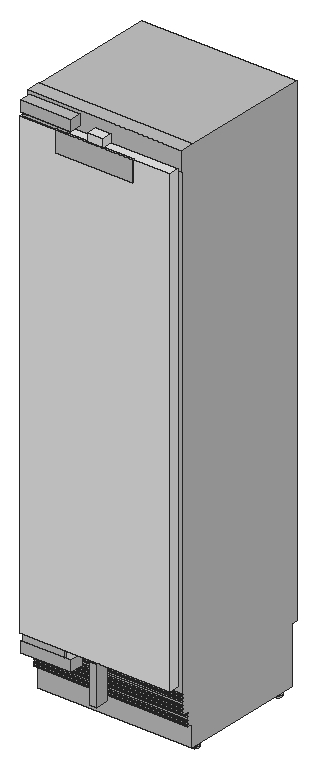
Revit family "FP-Revit18-RS2484SLHK1-Fridge-0-CA-US-90001060A", category Specialty Equipment, Revit 2020
Family settings
  Round Connector Dimension = Use Diameter
  Part Type = Normal
  OmniClass Number = 23.40.40.11.11
  OmniClass Title = Refrigerators and Freezers
  Work Plane-Based = No
  Always vertical = Yes
  Cut with Voids When Loaded = Yes
  Shared = No
  Room Calculation Point = No
Parameters (values of type "RS2484SLHE1")
  Visibility - Water Connection = no
  Visibility - Visibility Control Note = yes
  Visibility - Clearance Required = yes
  URL = "www.fisherpaykel.com"
  Stainless Steel Door Panels (RD2484L4D) = no
  Product - Width = 603 mm  # constant formula
  Product - Height = 2134 mm  # constant formula
  Product - Depth (exl front panel) = 610 mm  # constant formula
  Model = "RS2484SLHE1"
  Material - Handle = Fisher & Paykel - Aluminium
  Material - Door Structure = Fisher & Paykel - White
  Material - Door Front = Fisher & Paykel - Stainless Steel
  Material - Body = Fisher & Paykel - Grey
  Manufacturer = "Fisher & Paykel Appliances"
  Handle Style - Professional Square (AHV2-RD84) = no
  Handle Style - Professional Round (AHC-RD84) = no
  Handle Style - Contemporary Square (AHD3-RD84) = no
  Handle Style - Contemporary Round (AHS-RD84) = no
  Description = "24\" Integrated Column Refrigerator, stainless steel interior"
  Default Elevation = 0 mm
  Connector Description - Water = "Water Supply not required"
  Connector Description - Electrical = "120 V, 10 amp fused electrical supply"
  Cavity - Width = 610 mm  # constant formula
  Cavity - Height = 2134 mm  # constant formula
  Cavity - Depth = 635 mm  # constant formula
Types (4, lengths in mm): name | Visibility - Water Connection | Model | Description | Connector Description - Water
  (no name) | no | "RS2484SLHE1" | "24\" Integrated Column Refrigerator, stainless steel interior" | "Water Supply not required"
  RS2484SLHE1 | no | "RS2484SLHE1" | "24\" Integrated Column Refrigerator, stainless steel interior" | "Water Supply not required"
  RS2484SLHK1 | yes | "RS2484SLHK1" | "24\" Integrated Column Refrigerator with internal water, stainless steel interior" | "1/4\" (6mm) comp. stainless steel braided hose"
  RS2484SL1 | no | "RS2484SL1" | "24\" Integrated Column Refrigerator with white interior" | "Water Supply not required"
Reference planes
  plane 1 "Datum": y = 0
  plane 2: z = 0
  plane 3 "Center (Left/Right)": x = 0
  plane 4 "Product LHS": x = -301.5
  plane 5 "Product RHS": x = 301.5
  plane 6 "Product - Depth": y = 610
  plane 7 "Cavity LHS": x = -305
  plane 8 "Cavity RHS": x = 305
  plane 9 "Cavity - Depth": y = 612.9
  plane 10 "Handle Offset": x = 238.5
  plane 11 "Product Height": z = 2134
  plane 12 "Cavity Height": z = 2134
  plane 13 "Door Panel Datum": y = -4.1
Forms (mm)
  Extrusion 1, solid, material "Fisher & Paykel - Grey" <- "Material - Body", detail levels fine
    sketch origin (0, 0, 0) x (0, 1, 0) y (0, 0, 1)
      loop
        line (100.1, 19.1) -> (587.9, 19.1) -> (587.9, 239.7) -> (610, 239.7) -> (610, 2131.9) -> (105.1, 2131.9) -> (105.1, 2134) -> (49.9, 2134) -> (49.9, 2059) -> (56, 2059) -> (56, 228.6) -> (59.5, 228.6) -> (59.5, 219.7) -> (56.5, 219.7) -> (56.5, 215.9) -> (59.5, 215.9) -> (59.5, 207) -> (56.5, 207) -> (56.5, 203.2) -> (59.5, 203.2) -> (59.5, 194.3) -> (56.5, 194.3) -> (56.5, 190.5) -> (59.5, 190.5) -> (59.5, 181.6) -> (56.5, 181.6) -> (56.5, 177.8) -> (59.5, 177.8) -> (59.5, 168.9) -> (56.5, 168.9) -> (56.5, 165.1) -> (59.5, 165.1) -> (59.5, 156.2) -> (56.5, 156.2) -> (56.5, 152.4) -> (84.1, 152.4) -> (84.1, 143.5) -> (81.1, 143.5) -> (81.1, 139.7) -> (84.1, 139.7) -> (84.1, 130.8) -> (81.1, 130.8) -> (81.1, 127) -> (84.1, 127) -> (84.1, 118.1) -> (81.1, 118.1) -> (81.1, 114.3) -> (84.1, 114.3) -> (84.1, 105.4) -> (81.1, 105.4) -> (81.1, 101.6) -> (100.1, 101.6) -> (100.1, 19.1)
    from -301.5 to 301.5
  Extrusion 2, solid, material "Fisher & Paykel - Grey" <- "Material - Body"
    sketch origin (0, 0, 0) x (1, 0, 0) y (0, 1, 0)
      loop
        circle (-281, 547.8) r 4.1
      loop
        circle (-281, 141.8) r 4.1
      loop
        circle (281, 547.8) r 4.1
      loop
        circle (281, 141.8) r 4.1
    from 3 to 19.1
  Extrusion 3, solid, material "Fisher & Paykel - Grey" <- "Material - Body"
    sketch origin (0, 0, 0) x (1, 0, 0) y (0, 1, 0)
      loop
        circle (-281, 547.8) r 14.5
      loop
        circle (-281, 141.8) r 14.555
      loop
        circle (281, 547.8) r 14.5
      loop
        circle (281, 141.8) r 14.555
    from 0 to 3
  Extrusion 4, solid, material "Fisher & Paykel - Grey" <- "Material - Body", detail levels fine
    sketch origin (0, 0, 0) x (1, 0, 0) y (0, 1, 0)
      loop
        line (-7.5, 49) -> (-13.797, -4.1) -> (13.797, -4.1) -> (7.5, 49) -> (-7.5, 49)
    from 104.2 to 254.2
  Extrusion 5, solid, material "Fisher & Paykel - Grey" <- "Material - Body", detail levels fine
    sketch origin (0, 0, 0) x (0, 1, 0) y (0, 0, 1)
      loop
        line (0, 2070.6) -> (0, 1988.6) -> (2, 1988.6) -> (2, 2068.6) -> (4, 2068.6) -> (4, 2070.6) -> (0, 2070.6)
    from -150 to 150
  Extrusion 6, solid, material "Fisher & Paykel - Grey" <- "Material - Body"
    sketch origin (0, 0, 0) x (1, 0, 0) y (0, 0, 1)
      loop
        circle (226.5, 119.813) r 5
      loop
        circle (-226.5, 119.813) r 5
    from -590 to -587.9
  Extrusion 7, solid, material "Fisher & Paykel - White" <- "Material - Door Structure"
    sketch origin (0, 0, 0) x (1, 0, 0) y (0, 1, 0)
      loop
        line (-276.5, 56) -> (-276.5, 42) -> (276.5, 42) -> (276.5, 56) -> (-276.5, 56)
    from 269.6 to 2030.7
  Extrusion 8, solid, material "Fisher & Paykel - White" <- "Material - Door Structure"
    sketch origin (0, 0, 0) x (1, 0, 0) y (0, 1, 0)
      loop
        line (-292.9, 42) -> (-292.9, 3) -> (292.9, 3) -> (292.9, 42) -> (-292.9, 42)
    from 254.2 to 2068.6
  Extrusion 9, solid, material "Fisher & Paykel - White" <- "Material - Door Structure", detail levels fine
    sketch origin (0, 0, 0) x (1, 0, 0) y (0, 0, 1)
      loop
        line (-29.5, 2100.1) -> (-29.5, 2068.6) -> (29.5, 2068.6) -> (29.5, 2100.1) -> (-29.5, 2100.1)
    from -42 to -3
  Extrusion 10, solid, material "Fisher & Paykel - Stainless Steel" <- "Material - Door Front", visible <- "Stainless Steel Door Panels (RD2484L4D)"
    sketch origin (0, 0, 0) x (0, 1, 0) y (0, 0, 1)
      loop
        line (-22.1, 2130.8) -> (-22.1, 102) -> (-4.1, 102) -> (-4.1, 2130.8) -> (-22.1, 2130.8)
    from -301.5 to 301.5
  Extrusion 11, solid, material "Fisher & Paykel - Grey" <- "Material - Body", detail levels coarse+medium
    sketch origin (0, 0, 0) x (0, 1, 0) y (0, 0, 1)
      loop
        line (49.9, 2134) -> (49.9, 2059) -> (56, 2059) -> (56, 152.4) -> (81.1, 152.4) -> (81.1, 101.6) -> (100.1, 101.6) -> (100.1, 19.1) -> (587.9, 19.1) -> (587.9, 239.7) -> (610, 239.7) -> (610, 2134) -> (49.9, 2134)
    from -301.5 to 301.5
  Extrusion 12, solid, material "Fisher & Paykel - Grey" <- "Material - Body", detail levels fine
    sketch origin (0, 0, 0) x (-1, 0, 0) y (0, 0, -1)
      loop
        line (289.9, -187.65) -> (95.42, -187.65) -> (95.42, -229.75) -> (289.9, -229.75) -> (289.9, -187.65)
    from -56 to -2.5
  Extrusion 13, solid, material "Fisher & Paykel - Grey" <- "Material - Body", detail levels fine
    sketch origin (0, 0, 0) x (-1, 0, 0) y (0, 0, -1)
      loop
        line (289.9, -2123.15) -> (289.9, -2081.05) -> (95.42, -2081.05) -> (95.42, -2123.15) -> (289.9, -2123.15)
    from -49 to -2.5
  Extrusion 14, solid, material "Fisher & Paykel - Grey" <- "Material - Body", detail levels fine
    sketch origin (0, 0, -4) x (0, 1, 0) y (0, 0, 1)
      loop
        arc (163.888, 23.1) -> (180.4, 13.63) -> (196.912, 23.1) r 19.13
        line (196.912, 23.1) -> (163.888, 23.1)
      loop
        arc (493.888, 23.1) -> (510.4, 13.63) -> (526.912, 23.1) r 19.13
        line (526.912, 23.1) -> (493.888, 23.1)
    from 191 to 219
  Extrusion 15, solid, material "Fisher & Paykel - Grey" <- "Material - Body", detail levels fine
    sketch origin (0, 0, -4) x (0, 1, 0) y (0, 0, -1)
      loop
        line (163.888, -23.1) -> (196.912, -23.1)
        arc (196.912, -23.1) -> (180.4, -13.63) -> (163.888, -23.1) r 19.13
      loop
        line (493.888, -23.1) -> (526.912, -23.1)
        arc (526.912, -23.1) -> (510.4, -13.63) -> (493.888, -23.1) r 19.13
    from 191 to 219
  Extrusion 16, solid, material "Fisher & Paykel - Clearance Required", visible <- "Visibility - Clearance Required", detail levels coarse
    sketch origin (0, 0, 0) x (1, 0, 0) y (0, 1, 0)
      loop
        line (-305, 612.9) -> (-305, -4.1) -> (305, -4.1) -> (305, 612.9) -> (-305, 612.9)
    from 0 to 2134
  Extrusion 17, void
    sketch origin (0, 0, 0) x (1, 0, 0) y (0, 1, 0)
      loop
        line (-305, 612.9) -> (-305, -22.1) -> (305, -22.1) -> (305, 612.9) -> (-305, 612.9)
    from 0 to 2134
  Extrusion 18, solid, material "Fisher & Paykel - Clearance Required", visible <- "Visibility - Clearance Required", detail levels coarse
    sketch origin (0, 0, 0) x (-1, 0, 0) y (0, -1, 0)
      loop
        line (-301.5, 22.1) -> (301.5, 22.1)
        arc (301.5, 22.1) -> (310.616, 38.605) -> (329.441, 39.678) r 19.5
        line (329.441, 39.678) -> (550.259, 513.225) -> (574.757, 501.802)
        arc (574.757, 501.802) -> (598.013, 510.267) -> (589.549, 533.523) r 17.5
        line (589.549, 533.523) -> (565.051, 544.946) -> (584.28, 586.183)
        arc (584.28, 586.183) -> (-13.376, 547.171) -> (-301.5, 22.1) r 622.5
    from 0 to 2134
  Extrusion 19, solid, material "Fisher & Paykel - Grey" <- "Material - Body", detail levels fine
    sketch origin (0, 0, 0) x (-1, 0, 0) y (0, 0, -1)
      loop
        line (118.4, -254.2) -> (282.9, -254.2) -> (282.9, -229.75) -> (118.4, -229.75) -> (118.4, -254.2)
      loop
        line (106, -2081.05) -> (242.9, -2081.05) -> (282.9, -2076.05) -> (282.9, -2068.6) -> (106, -2068.6) -> (106, -2081.05)
    from -7 to -4
Lines and regions (mm)
  model lines, style "Fisher & Paykel"
    curve 1: line (-301.5, -4.1, 2130.8) -> (301.5, -4.1, 2130.8)
    curve 2: line (-301.5, -4.1, 102) -> (-301.5, -4.1, 2130.8)
    curve 3: line (301.5, -4.1, 102) -> (-301.5, -4.1, 102)
    curve 4: line (301.5, -4.1, 2130.8) -> (301.5, -4.1, 102)
Text (mm)
  text "Due to ongoing product development, product details are subject to change without notice. \nPlease always refer to www.fisherpaykel.com for the most current product information. \n© Fisher & Paykel 2020" at (41.04, -678.295, 0), in view "Ref. Level (Plan)"
Dimensions and locks
  equal spacing: plane 4 "Product LHS", plane 3 "Center (Left/Right)", plane 5 "Product RHS"
  "Product - Width": plane 4 "Product LHS" to plane 5 "Product RHS"
  "Product - Depth (exl front panel)": plane 1 "Datum" to plane 6 "Product - Depth"
  equal spacing: plane 7 "Cavity LHS", plane 3 "Center (Left/Right)", plane 8 "Cavity RHS"
  "Cavity - Width": plane 7 "Cavity LHS" to plane 8 "Cavity RHS"
  plane 4 "Product LHS" to Extrusion 2 sketch curve = 24.6 mm
  plane 4 "Product LHS" to plane 10 "Handle Offset" = 540 mm
  Extrusion 6 sketch curve to Extrusion 1 = 119.887 mm  (x2)
  Extrusion 6 sketch curve to plane 5 "Product RHS" = 75 mm
  plane 4 "Product LHS" to Extrusion 6 sketch curve = 75 mm
  Extrusion 1 sketch curve to Extrusion 1 sketch curve = 82.5 mm
  Extrusion 1 sketch curve to Extrusion 1 sketch curve = 209.5 mm
  Extrusion 3 to level = 3 mm
  Extrusion 11 to Extrusion 8 = 235.1 mm
  Extrusion 11 to Extrusion 7 = 250.5 mm
  Extrusion 11 to Extrusion 11 = 2114.9 mm
  Extrusion 11 to Extrusion 10 = 82.9 mm
  "Product - Height": level to plane 11 "Product Height"
  plane 11 "Product Height" to Extrusion 10 = 3.2 mm
  Extrusion 8 to plane 11 "Product Height" = 65.4 mm
  Extrusion 7 to plane 11 "Product Height" = 103.3 mm
  Extrusion 11 sketch curve to plane 11 "Product Height" = 75 mm
  Extrusion 1 sketch curve to plane 11 "Product Height" = 2.1 mm
  Extrusion 1 sketch curve to plane 11 "Product Height" = 75 mm
  "Cavity - Height": plane 12 "Cavity Height" to level
  plane 1 "Datum" to Extrusion 16 = 612.9 mm
  plane 1 "Datum" to Extrusion 17 = 612.9 mm
  Extrusion 19 sketch curve to Extrusion 19 sketch curve = 40 mm
  Extrusion 19 sketch curve to Extrusion 19 sketch curve = 176.9 mm
  plane 3 "Center (Left/Right)" to Extrusion 19 sketch curve = 106 mm
  plane 3 "Center (Left/Right)" to Extrusion 19 sketch curve = 118.4 mm
  plane 1 "Datum" to Extrusion 18 = 22.1 mm
  "Cavity - Depth": plane 9 "Cavity - Depth" to Extrusion 18
  plane 10 "Handle Offset" to plane 5 "Product RHS" = 63 mm
  radius of Extrusion 6 sketch curve = 5 mm
  aligned and locked: level to plane 2
  aligned and locked: Extrusion 10 to plane 5 "Product RHS"
  aligned and locked: plane 4 "Product LHS" to Extrusion 10
  aligned and locked: Extrusion 11 to plane 5 "Product RHS"
  aligned and locked: Extrusion 11 to plane 4 "Product LHS"
  aligned and locked: Extrusion 11 sketch curve to plane 11 "Product Height"
  aligned and locked: plane 11 "Product Height" to Extrusion 1 sketch curve
  aligned and locked: Extrusion 14 sketch curve to Extrusion 14 sketch curve
  aligned and locked: Extrusion 15 sketch curve to Extrusion 15 sketch curve
  aligned and locked: Extrusion 1 to plane 5 "Product RHS"
  aligned and locked: plane 4 "Product LHS" to Extrusion 1
  aligned and locked: Extrusion 2 to Extrusion 1
  aligned and locked: nested 5 to plane 10 "Handle Offset"
  aligned and locked: nested 4 to plane 10 "Handle Offset"
  aligned and locked: nested 3 to plane 10 "Handle Offset"
  aligned and locked: nested 2 to plane 10 "Handle Offset"
Automatic sketch dimensions
  Extrusion 2 sketch curve to plane 4 "Product LHS" = 20.5 mm  (x2)
  plane 5 "Product RHS" to Extrusion 2 sketch curve = 20.5 mm  (x2)
  Extrusion 2 sketch curve to plane 1 "Datum" = 141.8 mm  (x2)
  Extrusion 2 sketch curve to plane 6 "Product - Depth" = 62.2 mm  (x2)
  Extrusion 3 sketch curve to plane 4 "Product LHS" = 20.5 mm  (x2)
  plane 5 "Product RHS" to Extrusion 3 sketch curve = 20.5 mm  (x2)
  Extrusion 3 sketch curve to plane 1 "Datum" = 141.8 mm  (x2)
  Extrusion 3 sketch curve to plane 6 "Product - Depth" = 62.2 mm  (x2)
  plane 1 "Datum" to Extrusion 4 sketch curve = 4.1 mm
  Extrusion 4 sketch curve to plane 3 "Center (Left/Right)" = 13.797 mm
  Extrusion 4 sketch curve to plane 3 "Center (Left/Right)" = 7.5 mm
  plane 3 "Center (Left/Right)" to Extrusion 4 sketch curve = 7.5 mm
  plane 3 "Center (Left/Right)" to Extrusion 4 sketch curve = 13.797 mm
  Extrusion 4 sketch curve to plane 1 "Datum" = 49 mm
  Extrusion 5 sketch curve to plane 1 "Datum" = 0 mm
  Extrusion 5 sketch curve to plane 1 "Datum" = 2 mm
  Extrusion 5 sketch curve to Extrusion 5 sketch curve = 2 mm  (x2)
  plane 11 "Product Height" to Extrusion 5 sketch curve = 145.4 mm
  plane 11 "Product Height" to Extrusion 5 sketch curve = 65.4 mm
  Extrusion 7 sketch curve to plane 4 "Product LHS" = 25 mm
  plane 5 "Product RHS" to Extrusion 7 sketch curve = 25 mm
  Extrusion 7 sketch curve to plane 1 "Datum" = 42 mm
  Extrusion 7 sketch curve to Extrusion 7 sketch curve = 14 mm
  Extrusion 8 sketch curve to plane 1 "Datum" = 3 mm
  Extrusion 8 sketch curve to plane 4 "Product LHS" = 8.6 mm
  plane 5 "Product RHS" to Extrusion 8 sketch curve = 8.6 mm
  Extrusion 8 sketch curve to Extrusion 8 sketch curve = 39 mm
  Extrusion 9 sketch curve to plane 3 "Center (Left/Right)" = 29.5 mm
  plane 3 "Center (Left/Right)" to Extrusion 9 sketch curve = 29.5 mm
  plane 11 "Product Height" to Extrusion 9 sketch curve = 65.4 mm
  Extrusion 9 sketch curve to Extrusion 9 sketch curve = 31.5 mm
  plane 1 "Datum" to Extrusion 10 sketch curve = 22.1 mm
  plane 1 "Datum" to Extrusion 10 sketch curve = 4.1 mm
  level to Extrusion 10 sketch curve = 102 mm
  plane 11 "Product Height" to Extrusion 10 sketch curve = 3.2 mm
  plane 3 "Center (Left/Right)" to Extrusion 12 sketch curve = 95.42 mm
  plane 4 "Product LHS" to Extrusion 12 sketch curve = 11.6 mm
  Extrusion 12 sketch curve to level = 187.65 mm
  Extrusion 12 sketch curve to Extrusion 12 sketch curve = 42.1 mm
  Extrusion 13 sketch curve to plane 11 "Product Height" = 10.85 mm
  plane 3 "Center (Left/Right)" to Extrusion 13 sketch curve = 95.42 mm
  plane 4 "Product LHS" to Extrusion 13 sketch curve = 11.6 mm
  Extrusion 13 sketch curve to Extrusion 13 sketch curve = 42.1 mm
  Extrusion 14 sketch curve to plane 1 "Datum" = 163.888 mm
  Extrusion 14 sketch curve to Extrusion 14 sketch curve = 16.512 mm  (x2)
  Extrusion 14 sketch curve to plane 6 "Product - Depth" = 116.112 mm
  Extrusion 14 sketch curve to Extrusion 14 sketch curve = 9.66 mm  (x2)
  Extrusion 15 sketch curve to plane 1 "Datum" = 163.888 mm
  Extrusion 15 sketch curve to Extrusion 15 sketch curve = 16.512 mm  (x2)
  Extrusion 15 sketch curve to plane 6 "Product - Depth" = 116.112 mm
  Extrusion 15 sketch curve to Extrusion 15 sketch curve = 9.66 mm  (x2)
  Extrusion 16 sketch curve to plane 7 "Cavity LHS" = 0 mm
  Extrusion 16 sketch curve to plane 8 "Cavity RHS" = 0 mm
  Extrusion 16 sketch curve to plane 9 "Cavity - Depth" = 0 mm
  plane 1 "Datum" to Extrusion 16 sketch curve = 4.1 mm
  Extrusion 17 sketch curve to plane 7 "Cavity LHS" = 0 mm
  Extrusion 17 sketch curve to plane 8 "Cavity RHS" = 0 mm
  plane 9 "Cavity - Depth" to Extrusion 17 sketch curve = 0 mm
  plane 1 "Datum" to Extrusion 17 sketch curve = 22.1 mm
  Extrusion 18 sketch curve to Extrusion 18 sketch curve = 0 mm  (x2)
  Extrusion 18 sketch curve to plane 5 "Product RHS" = 0 mm
  Extrusion 18 sketch curve to plane 4 "Product LHS" = 0 mm
  Extrusion 18 sketch curve to plane 7 "Cavity LHS" = 16 mm
  Extrusion 18 sketch curve to Extrusion 18 sketch curve = 8.441 mm
  Extrusion 18 sketch curve to plane 7 "Cavity LHS" = 245.259 mm
  Extrusion 18 sketch curve to Extrusion 18 sketch curve = 14.792 mm
  Extrusion 18 sketch curve to Extrusion 18 sketch curve = 24.498 mm
  Extrusion 18 sketch curve to Extrusion 18 sketch curve = 7.396 mm  (x2)
  Extrusion 18 sketch curve to Extrusion 18 sketch curve = 19.229 mm
  Extrusion 18 sketch curve to plane 1 "Datum" = 586.183 mm
  Extrusion 18 sketch curve to Extrusion 18 sketch curve = 41.237 mm
  Extrusion 18 sketch curve to Extrusion 18 sketch curve = 15.86 mm
  Extrusion 19 sketch curve to plane 11 "Product Height" = 52.95 mm
  plane 4 "Product LHS" to Extrusion 19 sketch curve = 18.6 mm
  Extrusion 19 sketch curve to Extrusion 19 sketch curve = 5 mm
  Extrusion 19 sketch curve to Extrusion 19 sketch curve = 12.45 mm
  Extrusion 19 sketch curve to level = 254.2 mm
  Extrusion 19 sketch curve to Extrusion 19 sketch curve = 24.45 mm
  Extrusion 11 sketch curve to plane 6 "Product - Depth" = 0 mm
  Extrusion 11 sketch curve to plane 6 "Product - Depth" = 22.1 mm
  Extrusion 11 sketch curve to plane 1 "Datum" = 100.1 mm
  Extrusion 11 sketch curve to Extrusion 11 sketch curve = 19 mm
  Extrusion 11 sketch curve to plane 1 "Datum" = 56 mm
  Extrusion 11 sketch curve to plane 1 "Datum" = 49.9 mm
  level to Extrusion 11 sketch curve = 152.4 mm
  Extrusion 11 sketch curve to Extrusion 11 sketch curve = 50.8 mm
  level to Extrusion 11 sketch curve = 19.1 mm
  Extrusion 11 sketch curve to Extrusion 11 sketch curve = 220.6 mm
  level to Extrusion 14 sketch curve = 19.1 mm
  level to Extrusion 15 sketch curve = 28.76 mm
  Extrusion 1 sketch curve to plane 6 "Product - Depth" = 0 mm
  Extrusion 1 sketch curve to Extrusion 1 sketch curve = 22.1 mm
  Extrusion 1 sketch curve to plane 1 "Datum" = 105.1 mm
  level to Extrusion 1 sketch curve = 19.1 mm
  Extrusion 1 sketch curve to plane 1 "Datum" = 100.1 mm
  Extrusion 1 sketch curve to Extrusion 1 sketch curve = 16 mm
  Extrusion 1 sketch curve to Extrusion 1 sketch curve = 0 mm  (x8)
  Extrusion 1 sketch curve to Extrusion 1 sketch curve = 3 mm  (x10)
  Extrusion 1 sketch curve to plane 1 "Datum" = 59.5 mm
  Extrusion 1 sketch curve to plane 1 "Datum" = 56 mm
  Extrusion 1 sketch curve to plane 1 "Datum" = 49.9 mm
  Extrusion 1 sketch curve to Extrusion 1 sketch curve = 3.8 mm  (x10)
  Extrusion 1 sketch curve to Extrusion 1 sketch curve = 8.9 mm  (x9)
  Extrusion 1 sketch curve to Extrusion 1 sketch curve = 220.6 mm
  plane 5 "Product RHS" to curve 1 = 0 mm
  plane 4 "Product LHS" to curve 3 = 0 mm
  level to curve 3 = 102 mm
  plane 11 "Product Height" to curve 2 = 3.2 mm
  radius of Extrusion 2 sketch curve = 4.1 mm  (x3)
  radius of Extrusion 3 sketch curve = 14.5 mm  (x2)
  radius of Extrusion 3 sketch curve = 14.555 mm  (x2)
  radius of Extrusion 6 sketch curve = 5 mm
Nested families
  nested 1: "Visibility Control Note 18" at (0, 0, 0), visible <- "Visibility - Visibility Control Note", type "Visibility Control Note 18"
  nested 2: "Handle Contemporary Round - Vertical" at (238.5, -22.1, 1242.58), visible <- "Handle Style - Contemporary Round (AHS-RD84)", type "AHS-RD84 - Contemporary round handle (Vertical) 852mm"
  nested 3: "Handle Contemporary Square - Vertical" at (238.5, -22.1, 1242.58), visible <- "Handle Style - Contemporary Square (AHD3-RD84)", type "AHD3-RD84 - Contemporary square handle (Vertical) 852mm"
  nested 4: "Handle Professional Round - Vertical" at (238.5, -22.1, 1242.58), visible <- "Handle Style - Professional Round (AHC-RD84)", type "AHC-RD84 - Professional round handle (Vertical) 786mm"
  nested 5: "Handle Professional Square - Vertical" at (238.5, -22.1, 1242.58), visible <- "Handle Style - Professional Square (AHV2-RD84)", type "AHV2-RD84 - Professional square handle (Vertical) 792mm"
Connectors
  electrical at (-226.5, 590, 119.813), driven by "Connector Description - Electrical"
    settings: on Extrusion 6, index 1, voltage 120 V, apparent load 0 VA, apparent load phase1 0 VA, apparent load phase2 0 VA, apparent load phase3 0 VA, power factor 1, load classification "Other", number of poles 1, system type 30, power factor state 1, is connector primary yes, connector utility no, sub classification motor no, connector description "120 V, 10 amp fused electrical supply"
  piping at (226.5, 590, 119.813), diameter 12.7, driven by "Visibility - Water Connection", driven by "Connector Description - Water"
    settings: on Extrusion 6, index 2, connector inside diameter 609.6 mm, connector length 0 mm, flow factor 0, pipe flow 0.0 L/s, pressure drop 0.0 Pa, fitting loss kfactor 0, connector angle 0.00°, fixture units 0, engagement length 0 mm, angle of deflection 0.00°, flow configuration 0, flow direction 1, fitting loss method 0, system type 20, joint type 0, gender type 0, connector reference index -1, connector utility 0, adjustable connector no, is connector primary yes, connector description "Water Supply not required"
Definition of nested family "Handle Contemporary Round - Vertical"
  Parameters (values of type "AHSRS80A - Contemporary round handle (1 of 2) (Vertical) 727mm")
    URL = "www.fisherpaykel.com"
    Material - Handle = none
    Manufacturer = "Fisher & Paykel Appliances"
    Handle - Length = 727 mm
    Default Elevation = 0 mm
  Types (6, lengths in mm): name | Handle - Length
    AHS-RD21 - Contemporary round handle (Vertical) 852mm | 852
    AHSRD2484W - Contemporary round handle (1 of 2) (Vertical) 727mm | 727
    AHSRD3084W - Contemporary round handle (1 of 2) (Vertical) 727mm | 727
    AHS-RD84 - Contemporary round handle (Vertical) 852mm | 852
    AHSRS3272A - Contemporary round handle (1 of 2) (Vertical) 727mm | 727
    AHSRS80A - Contemporary round handle (1 of 2) (Vertical) 727mm | 727
  Reference planes
    plane 1 "Center (Front/Back)": y = 0
    plane 2: z = 0
    plane 3 "Center (Left/Right)": x = 0
    plane 4 "Top": z = 363.5
    plane 5 "Bottom": z = -363.5
    plane 6 "Top Standoff": z = 243.5
    plane 7 "Bottom Standoff": z = -243.5
  Forms (mm)
    Extrusion 1, solid, material <- "Material - Handle"
      sketch origin (0, 0, 0) x (1, 0, 0) y (0, 1, 0)
        loop
          circle (0, -32.3) r 8.7
      from -243.5 to 243.5
    Extrusion 2, solid, material <- "Material - Handle", detail levels fine
      sketch origin (0, 0, 0) x (1, 0, 0) y (0, 1, 0)
        loop
          line (-8.7, 0) -> (-8.7, -32.3)
          arc (-8.7, -32.3) -> (0, -41) -> (8.7, -32.3) r 8.7
          line (8.7, -32.3) -> (8.7, 0) -> (-8.7, 0)
      from 243.5 to 363.5
    Extrusion 3, solid, material <- "Material - Handle", detail levels fine
      sketch origin (0, 0, 0) x (1, 0, 0) y (0, 1, 0)
        loop
          line (-8.7, 0) -> (-8.7, -32.3)
          arc (-8.7, -32.3) -> (0, -41) -> (8.7, -32.3) r 8.7
          line (8.7, -32.3) -> (8.7, 0) -> (-8.7, 0)
      from -363.5 to -243.5
    Sweep 4, void
      path in 3D
        loop
          line (8.7, 0, -363.5) -> (8.7, -32.3, -363.5)
          arc (8.7, -32.3, -363.5) -> (0, -41, -363.5) -> (-8.7, -32.3, -363.5) r 8.7
          line (-8.7, -32.3, -363.5) -> (-8.7, 0, -363.5)
      profile origin (8.7, -16.15, -363.5) x (-1, 0, 0) y (0, 0, -1)
        loop
          line (0, 0) -> (0, -1) -> (1, 0) -> (0, 0)
    Sweep 5, void
      path in 3D
        loop
          line (-8.7, 0, 363.5) -> (-8.7, -32.3, 363.5)
          arc (-8.7, -32.3, 363.5) -> (0, -41, 363.5) -> (8.7, -32.3, 363.5) r 8.7
          line (8.7, -32.3, 363.5) -> (8.7, 0, 363.5)
      profile origin (8.7, -16.15, 363.5) x (-1, 0, 0) y (0, 0, 1)
        loop
          line (0, 0) -> (0, -1) -> (1, 0) -> (0, 0)
    Extrusion 6, solid, material <- "Material - Handle", detail levels coarse+medium
      sketch origin (0, 0, 0) x (1, 0, 0) y (0, 1, 0)
        loop
          line (-8.7, 0) -> (-8.7, -32.3)
          arc (-8.7, -32.3) -> (0, -41) -> (8.7, -32.3) r 8.7
          line (8.7, -32.3) -> (8.7, 0) -> (-8.7, 0)
      from 243.5 to 363.5
    Extrusion 7, solid, material <- "Material - Handle", detail levels coarse+medium
      sketch origin (0, 0, 0) x (1, 0, 0) y (0, 1, 0)
        loop
          line (-8.7, 0) -> (-8.7, -32.3)
          arc (-8.7, -32.3) -> (0, -41) -> (8.7, -32.3) r 8.7
          line (8.7, -32.3) -> (8.7, 0) -> (-8.7, 0)
      from -363.5 to -243.5
  Cuts and joins
    Sweep 4 cuts Extrusion 3
    Sweep 5 cuts Extrusion 2
  Lines and regions (mm)
    sketch lines
      curve 1: line (8.7, 0, -363.5) -> (8.7, -32.3, -363.5)
      curve 2: arc (-8.7, -32.3, -363.5) -> (0, -41, -363.5) -> (8.7, -32.3, -363.5) r 8.7
      curve 3: line (-8.7, -32.3, -363.5) -> (-8.7, 0, -363.5)
      curve 4: line (8.7, -32.3, 363.5) -> (8.7, 0, 363.5)
      curve 5: arc (8.7, -32.3, 363.5) -> (0, -41, 363.5) -> (-8.7, -32.3, 363.5) r 8.7
      curve 6: line (-8.7, 0, 363.5) -> (-8.7, -32.3, 363.5)
  Dimensions and locks
    equal spacing: plane 4 "Top", level, plane 5 "Bottom"
    "Handle - Length": plane 4 "Top" to plane 5 "Bottom"
    locked: plane 4 "Top" to plane 6 "Top Standoff" at 120
    locked: plane 7 "Bottom Standoff" to plane 5 "Bottom" at 120
    Extrusion 2 sketch curve to Extrusion 2 sketch curve = 17.4 mm
    Extrusion 3 sketch curve to Extrusion 3 sketch curve = 17.4 mm
    Extrusion 6 sketch curve to Extrusion 6 sketch curve = 17.4 mm
    Extrusion 7 sketch curve to Extrusion 7 sketch curve = 17.4 mm
    aligned and locked: level to plane 2
    aligned and locked: plane 4 "Top" to Extrusion 2
    aligned and locked: Extrusion 3 to plane 5 "Bottom"
    aligned and locked: plane 7 "Bottom Standoff" to Extrusion 3
    aligned and locked: Extrusion 1 to plane 7 "Bottom Standoff"
    aligned and locked: plane 6 "Top Standoff" to Extrusion 1
    aligned and locked: Extrusion 2 to Extrusion 1
    aligned and locked: Extrusion 6 to Extrusion 1
    aligned and locked: plane 4 "Top" to Extrusion 6
    aligned and locked: Extrusion 7 to Extrusion 1
    aligned and locked: Extrusion 7 to plane 5 "Bottom"
  Automatic sketch dimensions
    Extrusion 1 sketch curve to plane 3 "Center (Left/Right)" = 0 mm
    plane 1 "Center (Front/Back)" to Extrusion 1 sketch curve = 32.3 mm
    plane 1 "Center (Front/Back)" to Extrusion 2 sketch curve = 0 mm
    Extrusion 2 sketch curve to plane 3 "Center (Left/Right)" = 0 mm
    Extrusion 2 sketch curve to plane 3 "Center (Left/Right)" = 8.7 mm
    plane 1 "Center (Front/Back)" to Extrusion 2 sketch curve = 32.3 mm
    plane 1 "Center (Front/Back)" to Extrusion 3 sketch curve = 0 mm
    Extrusion 3 sketch curve to plane 3 "Center (Left/Right)" = 0 mm
    Extrusion 3 sketch curve to plane 3 "Center (Left/Right)" = 8.7 mm
    plane 1 "Center (Front/Back)" to Extrusion 3 sketch curve = 32.3 mm
    Sweep 4 sketch curve to profile plane = 0 mm  (x2)
    Sweep 4 sketch curve to profile plane = 1 mm  (x2)
    Sweep 5 sketch curve to profile plane = 0 mm  (x2)
    Sweep 5 sketch curve to profile plane = 1 mm  (x2)
    Extrusion 6 sketch curve to plane 3 "Center (Left/Right)" = 0 mm
    Extrusion 6 sketch curve to plane 3 "Center (Left/Right)" = 8.7 mm
    plane 1 "Center (Front/Back)" to Extrusion 6 sketch curve = 32.3 mm
    Extrusion 6 sketch curve to Extrusion 6 sketch curve = 32.3 mm
    Extrusion 7 sketch curve to plane 3 "Center (Left/Right)" = 0 mm
    Extrusion 7 sketch curve to plane 3 "Center (Left/Right)" = 8.7 mm
    plane 1 "Center (Front/Back)" to Extrusion 7 sketch curve = 32.3 mm
    Extrusion 7 sketch curve to Extrusion 7 sketch curve = 32.3 mm
    radius of Extrusion 1 sketch curve = 8.7 mm
Definition of nested family "Handle Contemporary Square - Vertical"
  Parameters (values of type "AHD3RS80A - Contemporary square handle (1 of 2) (Vertical) 727mm")
    URL = "www.fisherpaykel.com"
    Material - Handle = none
    Manufacturer = "Fisher & Paykel Appliances"
    Handle - Length = 727 mm
    Default Elevation = 0 mm
  Types (7, lengths in mm): name | Handle - Length
    (no name) | 727
    AHD3-RD21 - Contemporary square handle (Vertical) 852mm | 852
    AHD3RD2484W - Contemporary square handle (1 of 2) (Vertical) 727mm | 727
    AHD3RD3084W - Contemporary square handle (1 of 2) (Vertical) 727mm | 727
    AHD3-RD84 - Contemporary square handle (Vertical) 852mm | 852
    AHD3RS3272A - Contemporary square handle (1 of 2) (Vertical) 727mm | 727
    AHD3RS80A - Contemporary square handle (1 of 2) (Vertical) 727mm | 727
  Reference planes
    plane 1 "Center (Front/Back)": y = 0
    plane 2: z = 0
    plane 3 "Center (Left/Right)": x = 0
    plane 4 "Top": z = 363.5
    plane 5 "Bottom": z = -363.5
    plane 6 "Top Standoff": z = 243.5
    plane 7 "Bottom Standoff": z = -243.5
  Forms (mm)
    Extrusion 1, solid, material <- "Material - Handle", detail levels fine
      sketch origin (0, 0, 0) x (1, 0, 0) y (0, 1, 0)
        loop
          arc (-7.583, -28.701) -> (-7.89, -29.057) -> (-8, -29.514) r 1
          line (-8, -29.514) -> (-8, -40.5)
          arc (-8, -40.5) -> (-7.561, -41.561) -> (-6.5, -42) r 1.5
          line (-6.5, -42) -> (6.5, -42)
          arc (6.5, -42) -> (7.561, -41.561) -> (8, -40.5) r 1.5
          line (8, -40.5) -> (8, -29.487)
          arc (8, -29.487) -> (7.889, -29.029) -> (7.58, -28.673) r 1
          arc (7.58, -28.673) -> (-0.006, -26.256) -> (-7.583, -28.701) r 13.038
      from -363.5 to 363.5
    Extrusion 2, solid, material <- "Material - Handle", detail levels fine
      sketch origin (0, 0, 0) x (1, 0, 0) y (0, 1, 0)
        loop
          arc (7.058, -28.23) -> (7.466, -28.244) -> (7.674, -27.893) r 0.4
          line (7.674, -27.893) -> (7.674, 0) -> (-7.674, 0) -> (-7.674, -27.86)
          arc (-7.674, -27.86) -> (-7.467, -28.21) -> (-7.06, -28.198) r 0.4
          arc (-7.06, -28.198) -> (0.004, -26.156) -> (7.058, -28.23) r 13.136
      from 243.5 to 363.5
    Extrusion 3, solid, material <- "Material - Handle", detail levels fine
      sketch origin (0, 0, 0) x (1, 0, 0) y (0, 1, 0)
        loop
          arc (7.058, -28.23) -> (7.466, -28.244) -> (7.674, -27.893) r 0.4
          line (7.674, -27.893) -> (7.674, 0) -> (-7.674, 0) -> (-7.674, -27.86)
          arc (-7.674, -27.86) -> (-7.467, -28.21) -> (-7.06, -28.198) r 0.4
          arc (-7.06, -28.198) -> (0.004, -26.156) -> (7.058, -28.23) r 13.136
      from -363.5 to -243.5
    Sweep 4, void
      path in 3D
        loop
          line (-8, -29.514, 363.5) -> (-8, -40.5, 363.5)
          arc (-8, -40.5, 363.5) -> (-7.561, -41.561, 363.5) -> (-6.5, -42, 363.5) r 1.5
          line (-6.5, -42, 363.5) -> (6.5, -42, 363.5)
          arc (6.5, -42, 363.5) -> (7.561, -41.561, 363.5) -> (8, -40.5, 363.5) r 1.5
          line (8, -40.5, 363.5) -> (8, -29.487, 363.5)
      profile origin (8, -34.994, 363.5) x (-1, 0, 0) y (0, 0, 1)
        loop
          line (0, 0) -> (0, -1.3) -> (1.3, 0) -> (0, 0)
    Sweep 5, void
      path in 3D
        loop
          line (8, -29.487, -363.5) -> (8, -40.5, -363.5)
          arc (8, -40.5, -363.5) -> (7.561, -41.561, -363.5) -> (6.5, -42, -363.5) r 1.5
          line (6.5, -42, -363.5) -> (-6.5, -42, -363.5)
          arc (-6.5, -42, -363.5) -> (-7.561, -41.561, -363.5) -> (-8, -40.5, -363.5) r 1.5
          line (-8, -40.5, -363.5) -> (-8, -29.514, -363.5)
      profile origin (8, -34.994, -363.5) x (-1, 0, 0) y (0, 0, -1)
        loop
          line (0, 0) -> (0, -1.3) -> (1.3, 0) -> (0, 0)
    Extrusion 6, void
      sketch origin (0, 0, 0) x (1, 0, 0) y (0, 0, 1)
        loop
          line (-8, -362.2) -> (-8, -363.5) -> (-6.7, -363.5) -> (-8, -362.2)
        loop
          line (8, -362.2) -> (6.7, -363.5) -> (8, -363.5) -> (8, -362.2)
      from 0 to 40
    Extrusion 7, void
      sketch origin (0, 0, 0) x (1, 0, 0) y (0, 0, 1)
        loop
          line (-8, 363.5) -> (-8, 362.2) -> (-6.7, 363.5) -> (-8, 363.5)
        loop
          line (8, 363.5) -> (6.7, 363.5) -> (8, 362.2) -> (8, 363.5)
      from 0 to 40
    Extrusion 8, solid, material <- "Material - Handle", detail levels coarse+medium
      sketch origin (0, 0, 0) x (0, 1, 0) y (0, 0, 1)
        loop
          line (0, 363.5) -> (-42, 363.5) -> (-42, -363.5) -> (0, -363.5) -> (0, -243.5) -> (-26.245, -243.5) -> (-26.245, 243.5) -> (0, 243.5) -> (0, 363.5)
      from -8 to 8
  Cuts and joins
    Sweep 4, Sweep 5, Extrusion 6, Extrusion 7 cuts Extrusion 1
    Extrusion 6 cuts Extrusion 3
    Extrusion 7 cuts Extrusion 2
  Lines and regions (mm)
    sketch lines
      curve 1: line (8, -40.5, 363.5) -> (8, -29.487, 363.5)
      curve 2: arc (8, -40.5, 363.5) -> (7.561, -41.561, 363.5) -> (6.5, -42, 363.5) r 1.5
      curve 3: line (-6.5, -42, 363.5) -> (6.5, -42, 363.5)
      curve 4: arc (-6.5, -42, 363.5) -> (-7.561, -41.561, 363.5) -> (-8, -40.5, 363.5) r 1.5
      curve 5: line (-8, -29.514, 363.5) -> (-8, -40.5, 363.5)
      curve 6: line (8, -29.487, -363.5) -> (8, -40.5, -363.5)
      curve 7: arc (6.5, -42, -363.5) -> (7.561, -41.561, -363.5) -> (8, -40.5, -363.5) r 1.5
      curve 8: line (6.5, -42, -363.5) -> (-6.5, -42, -363.5)
      curve 9: arc (-8, -40.5, -363.5) -> (-7.561, -41.561, -363.5) -> (-6.5, -42, -363.5) r 1.5
      curve 10: line (-8, -40.5, -363.5) -> (-8, -29.514, -363.5)
  Dimensions and locks
    equal spacing: plane 4 "Top", level, plane 5 "Bottom"
    "Handle - Length": plane 4 "Top" to plane 5 "Bottom"
    locked: plane 4 "Top" to plane 6 "Top Standoff" at 120
    locked: plane 7 "Bottom Standoff" to plane 5 "Bottom" at 120
    aligned and locked: level to plane 2
    aligned and locked: plane 4 "Top" to Extrusion 2
    aligned and locked: Extrusion 2 to plane 6 "Top Standoff"
    aligned and locked: plane 4 "Top" to Extrusion 1
    aligned and locked: Extrusion 1 to plane 5 "Bottom"
    aligned and locked: Extrusion 3 to plane 5 "Bottom"
    aligned and locked: plane 7 "Bottom Standoff" to Extrusion 3
    aligned and locked: plane 4 "Top" to Extrusion 8 sketch curve
    aligned and locked: plane 6 "Top Standoff" to Extrusion 8 sketch curve
    aligned and locked: plane 7 "Bottom Standoff" to Extrusion 8 sketch curve
    aligned and locked: plane 5 "Bottom" to Extrusion 8 sketch curve
    aligned and locked: plane 1 "Center (Front/Back)" to Extrusion 8 sketch curve  (x2)
  Automatic sketch dimensions
    Extrusion 1 sketch curve to plane 3 "Center (Left/Right)" = 8 mm
    Extrusion 1 sketch curve to Extrusion 1 sketch curve = 1 mm  (x2)
    Extrusion 1 sketch curve to Extrusion 1 sketch curve = 1.5 mm
    plane 3 "Center (Left/Right)" to Extrusion 1 sketch curve = 0.018 mm
    plane 3 "Center (Left/Right)" to Extrusion 1 sketch curve = 6.5 mm
    plane 3 "Center (Left/Right)" to Extrusion 1 sketch curve = 7 mm
    plane 1 "Center (Front/Back)" to Extrusion 1 sketch curve = 42 mm
    Extrusion 1 sketch curve to Extrusion 1 sketch curve = 1.206 mm
    Extrusion 1 sketch curve to Extrusion 1 sketch curve = 10.986 mm
    Extrusion 1 sketch curve to Extrusion 1 sketch curve = 11.013 mm
    Extrusion 1 sketch curve to Extrusion 1 sketch curve = 0 mm
    plane 1 "Center (Front/Back)" to Extrusion 2 sketch curve = 0 mm
    Extrusion 2 sketch curve to plane 3 "Center (Left/Right)" = 7.674 mm
    Extrusion 2 sketch curve to Extrusion 2 sketch curve = 0.4 mm  (x2)
    Extrusion 2 sketch curve to plane 3 "Center (Left/Right)" = 0.026 mm
    plane 3 "Center (Left/Right)" to Extrusion 2 sketch curve = 7.274 mm
    plane 1 "Center (Front/Back)" to Extrusion 2 sketch curve = 27.86 mm
    Extrusion 2 sketch curve to Extrusion 2 sketch curve = 0.033 mm
    Extrusion 2 sketch curve to Extrusion 2 sketch curve = 11.398 mm
    Extrusion 2 sketch curve to Extrusion 2 sketch curve = 0 mm
    plane 1 "Center (Front/Back)" to Extrusion 3 sketch curve = 0 mm
    Extrusion 3 sketch curve to Extrusion 3 sketch curve = 0.4 mm  (x2)
    Extrusion 3 sketch curve to Extrusion 3 sketch curve = 7.248 mm
    Extrusion 3 sketch curve to Extrusion 3 sketch curve = 7.3 mm
    plane 1 "Center (Front/Back)" to Extrusion 3 sketch curve = 27.86 mm
    Extrusion 3 sketch curve to Extrusion 3 sketch curve = 0.033 mm
    Extrusion 3 sketch curve to Extrusion 3 sketch curve = 11.398 mm
    Extrusion 3 sketch curve to Extrusion 3 sketch curve = 0 mm
    Sweep 4 sketch curve to profile plane = 0 mm  (x2)
    Sweep 4 sketch curve to profile plane = 1.3 mm  (x2)
    Sweep 5 sketch curve to profile plane = 0 mm  (x2)
    Sweep 5 sketch curve to profile plane = 1.3 mm  (x2)
    Extrusion 6 sketch curve to plane 5 "Bottom" = 0 mm  (x2)
    plane 5 "Bottom" to Extrusion 6 sketch curve = 1.3 mm  (x2)
    Extrusion 6 sketch curve to plane 3 "Center (Left/Right)" = 8 mm
    Extrusion 6 sketch curve to Extrusion 6 sketch curve = 1.3 mm  (x2)
    plane 3 "Center (Left/Right)" to Extrusion 6 sketch curve = 8 mm
    Extrusion 7 sketch curve to plane 4 "Top" = 0 mm  (x2)
    Extrusion 7 sketch curve to plane 3 "Center (Left/Right)" = 8 mm
    Extrusion 7 sketch curve to Extrusion 7 sketch curve = 1.3 mm  (x2)
    plane 3 "Center (Left/Right)" to Extrusion 7 sketch curve = 8 mm
    Extrusion 7 sketch curve to plane 4 "Top" = 1.3 mm  (x2)
    plane 1 "Center (Front/Back)" to Extrusion 8 sketch curve = 26.245 mm
    plane 1 "Center (Front/Back)" to Extrusion 8 sketch curve = 42 mm
    Extrusion 3 sketch curve to plane 3 "Center (Left/Right)" = 7.674 mm
Definition of nested family "Handle Professional Round - Vertical"
  Parameters (values of type "AHCRD2484W - Professional round handle (1 of 2) (Vertical) 661mm")
    URL = "www.fisherpaykel.com"
    Material - Standoff = none
    Material - Handle = none
    Manufacturer = "Fisher & Paykel Appliances"
    Handle - Length = 661 mm
    Default Elevation = 0 mm
  Types (5, lengths in mm): name | Handle - Length
    (no name) | 661
    AHCRD2484W - Professional round handle (1 of 2) (Vertical) 661mm | 661
    AHCRD3084W - Professional round handle (1 of 2) (Vertical) 661mm | 661
    AHC-RD84 - Professional round handle (Vertical) 786mm | 786
    AHCRS3272A - Professional round handle (1 of 2) (Vertical) 661mm | 661
  Reference planes
    plane 1 "Center (Front/Back)": y = 0
    plane 2: z = 0
    plane 3 "Center (Left/Right)": x = 0
    plane 4 "Top": z = 330.5
    plane 5 "Bottom": z = -330.5
    plane 6 "Top Standoff": z = 286.5
    plane 7 "Bottom Standoff": z = -286.5
  Forms (mm)
    Extrusion 1, solid, material <- "Material - Standoff", detail levels fine
      sketch origin (0, 0, 0) x (1, 0, 0) y (0, 1, 0)
        loop
          line (-18.5, 0) -> (-18.5, -39.4)
          arc (-18.5, -39.4) -> (0, -57.9) -> (18.5, -39.4) r 18.5
          line (18.5, -39.4) -> (18.5, 0) -> (-18.5, 0)
      from 286.5 to 330.5
    Extrusion 2, solid, material <- "Material - Standoff", detail levels fine
      sketch origin (0, 0, 0) x (1, 0, 0) y (0, 1, 0)
        loop
          line (-18.5, 0) -> (-18.5, -39.4)
          arc (-18.5, -39.4) -> (0, -57.9) -> (18.5, -39.4) r 18.5
          line (18.5, -39.4) -> (18.5, 0) -> (-18.5, 0)
      from -330.5 to -286.5
    Extrusion 3, solid, material <- "Material - Handle"
      sketch origin (0, 0, 0) x (1, 0, 0) y (0, 1, 0)
        loop
          circle (0, -39.4) r 12.7
      from -286.5 to 286.5
    Sweep 4, void
      path in 3D
        loop
          line (-18.5, 0, 330.5) -> (-18.5, -39.4, 330.5)
          arc (-18.5, -39.4, 330.5) -> (0, -57.9, 330.5) -> (18.5, -39.4, 330.5) r 18.5
          line (18.5, -39.4, 330.5) -> (18.5, 0, 330.5)
      profile origin (18.5, -19.7, 330.5) x (-1, 0, 0) y (0, 0, 1)
        loop
          line (0, 0) -> (0, -3) -> (3, 0) -> (0, 0)
    Sweep 5, void
      path in 3D
        loop
          line (18.5, 0, -330.5) -> (18.5, -39.4, -330.5)
          arc (18.5, -39.4, -330.5) -> (0, -57.9, -330.5) -> (-18.5, -39.4, -330.5) r 18.5
          line (-18.5, -39.4, -330.5) -> (-18.5, 0, -330.5)
      profile origin (18.5, -19.7, -330.5) x (-1, 0, 0) y (0, 0, -1)
        loop
          line (0, 0) -> (0, -3) -> (3, 0) -> (0, 0)
    Extrusion 6, solid, material <- "Material - Standoff", detail levels coarse+medium
      sketch origin (0, 0, 0) x (1, 0, 0) y (0, 1, 0)
        loop
          line (-18.5, 0) -> (-18.5, -39.4)
          arc (-18.5, -39.4) -> (0, -57.9) -> (18.5, -39.4) r 18.5
          line (18.5, -39.4) -> (18.5, 0) -> (-18.5, 0)
      from 286.5 to 330.5
    Extrusion 7, solid, material <- "Material - Standoff", detail levels coarse+medium
      sketch origin (0, 0, 0) x (1, 0, 0) y (0, 1, 0)
        loop
          line (-18.5, 0) -> (-18.5, -39.4)
          arc (-18.5, -39.4) -> (0, -57.9) -> (18.5, -39.4) r 18.5
          line (18.5, -39.4) -> (18.5, 0) -> (-18.5, 0)
      from -330.5 to -286.5
  Cuts and joins
    Sweep 4 cuts Extrusion 1
    Sweep 5 cuts Extrusion 2
  Lines and regions (mm)
    sketch lines
      curve 1: line (18.5, -39.4, 330.5) -> (18.5, 0, 330.5)
      curve 2: arc (18.5, -39.4, 330.5) -> (0, -57.9, 330.5) -> (-18.5, -39.4, 330.5) r 18.5
      curve 3: line (-18.5, 0, 330.5) -> (-18.5, -39.4, 330.5)
      curve 4: line (18.5, 0, -330.5) -> (18.5, -39.4, -330.5)
      curve 5: arc (-18.5, -39.4, -330.5) -> (0, -57.9, -330.5) -> (18.5, -39.4, -330.5) r 18.5
      curve 6: line (-18.5, -39.4, -330.5) -> (-18.5, 0, -330.5)
  Dimensions and locks
    equal spacing: plane 4 "Top", level, plane 5 "Bottom"
    "Handle - Length": plane 4 "Top" to plane 5 "Bottom"
    plane 4 "Top" to plane 6 "Top Standoff" = 44 mm
    plane 7 "Bottom Standoff" to plane 5 "Bottom" = 44 mm
    aligned and locked: level to plane 2
    aligned and locked: plane 4 "Top" to Extrusion 1
    aligned and locked: Extrusion 1 to plane 6 "Top Standoff"
    aligned and locked: Extrusion 2 to plane 5 "Bottom"
    aligned and locked: plane 7 "Bottom Standoff" to Extrusion 2
    aligned and locked: plane 6 "Top Standoff" to Extrusion 3
    aligned and locked: Extrusion 3 to plane 7 "Bottom Standoff"
    aligned and locked: plane 4 "Top" to Extrusion 6
    aligned and locked: Extrusion 7 to plane 5 "Bottom"
    aligned and locked: plane 7 "Bottom Standoff" to Extrusion 7
    aligned and locked: Extrusion 6 to plane 6 "Top Standoff"
  Automatic sketch dimensions
    plane 1 "Center (Front/Back)" to Extrusion 1 sketch curve = 0 mm
    Extrusion 1 sketch curve to plane 3 "Center (Left/Right)" = 0 mm
    Extrusion 1 sketch curve to plane 3 "Center (Left/Right)" = 18.5 mm
    plane 1 "Center (Front/Back)" to Extrusion 1 sketch curve = 39.4 mm
    plane 1 "Center (Front/Back)" to Extrusion 2 sketch curve = 0 mm
    Extrusion 2 sketch curve to plane 3 "Center (Left/Right)" = 0 mm
    Extrusion 2 sketch curve to plane 3 "Center (Left/Right)" = 18.5 mm
    plane 1 "Center (Front/Back)" to Extrusion 2 sketch curve = 39.4 mm
    Extrusion 3 sketch curve to plane 3 "Center (Left/Right)" = 0 mm
    plane 1 "Center (Front/Back)" to Extrusion 3 sketch curve = 39.4 mm
    Sweep 4 sketch curve to profile plane = 0 mm  (x2)
    Sweep 4 sketch curve to profile plane = 3 mm  (x2)
    Sweep 5 sketch curve to profile plane = 0 mm  (x2)
    Sweep 5 sketch curve to profile plane = 3 mm  (x2)
    Extrusion 6 sketch curve to plane 3 "Center (Left/Right)" = 0 mm
    Extrusion 6 sketch curve to plane 3 "Center (Left/Right)" = 18.5 mm
    plane 1 "Center (Front/Back)" to Extrusion 6 sketch curve = 39.4 mm
    Extrusion 6 sketch curve to Extrusion 6 sketch curve = 39.4 mm
    Extrusion 7 sketch curve to plane 3 "Center (Left/Right)" = 0 mm
    Extrusion 7 sketch curve to plane 3 "Center (Left/Right)" = 18.5 mm
    plane 1 "Center (Front/Back)" to Extrusion 7 sketch curve = 39.4 mm
    Extrusion 7 sketch curve to Extrusion 7 sketch curve = 39.4 mm
    radius of Extrusion 3 sketch curve = 12.7 mm
Definition of nested family "Handle Professional Square - Vertical"
  Parameters (values of type "AHV2RS3272A - Professional square handle (1 of 2) (Vertical) 727mm")
    URL = "www.fisherpaykel.com"
    Material - Handle = none
    Manufacturer = "Fisher & Paykel Appliances"
    Handle - Length = 727 mm
    Default Elevation = 0 mm
  Types (5, lengths in mm): name | Handle - Length
    (no name) | 727
    AHV2RD2484W - Professional square handle (1 of 2) (Vertical) 727mm | 727
    AHV2RD3084W - Professional square handle (1 of 2) (Vertical) 727mm | 727
    AHV2-RD84 - Professional square handle (Vertical) 792mm | 792
    AHV2RS3272A - Professional square handle (1 of 2) (Vertical) 727mm | 727
  Reference planes
    plane 1 "Center (Front/Back)": y = 0
    plane 2: z = 0
    plane 3 "Center (Left/Right)": x = 0
    plane 4 "Top": z = 363.5
    plane 5 "Bottom": z = -363.5
    plane 6 "Top Standoff": z = 313.5
    plane 7 "Bottom Standoff": z = -313.5
  Forms (mm)
    Extrusion 1, solid, material <- "Material - Handle", detail levels fine
      sketch origin (0, 0, 0) x (0, 1, 0) y (0, 0, 1)
        loop
          line (0, 363.5) -> (-40, 363.5)
          arc (-40, 363.5) -> (-47.071, 360.571) -> (-50, 353.5) r 10
          line (-50, 353.5) -> (-50, 313.5) -> (0, 313.5) -> (0, 363.5)
        loop
          line (0, -363.5) -> (0, -313.5) -> (-50, -313.5) -> (-50, -353.5)
          arc (-50, -353.5) -> (-47.071, -360.571) -> (-40, -363.5) r 10
          line (-40, -363.5) -> (0, -363.5)
      from -17.5 to 17.5
    Sweep 2, void
      path in 3D
        loop
          line (17.5, 0, 363.5) -> (17.5, -40, 363.5)
          arc (17.5, -40, 363.5) -> (17.5, -47.071, 360.571) -> (17.5, -50, 353.5) r 10
          line (17.5, -50, 353.5) -> (17.5, -50, 313.5)
      profile origin (17.5, -20, 363.5) x (1, 0, 0) y (0, 0, 1)
        loop
          line (0, 0) -> (-2.5, 0) -> (0, -2.5) -> (0, 0)
    Sweep 3, void
      path in 3D
        loop
          line (-17.5, -50, 313.5) -> (-17.5, -50, 353.5)
          arc (-17.5, -50, 353.5) -> (-17.5, -47.071, 360.571) -> (-17.5, -40, 363.5) r 10
          line (-17.5, -40, 363.5) -> (-17.5, 0, 363.5)
      profile origin (-17.5, -20, 363.5) x (-1, 0, 0) y (0, 0, 1)
        loop
          line (0, 0) -> (-2.5, 0) -> (0, -2.5) -> (0, 0)
    Sweep 4, void
      path in 3D
        loop
          line (17.5, -50, -313.5) -> (17.5, -50, -353.5)
          arc (17.5, -50, -353.5) -> (17.5, -47.071, -360.571) -> (17.5, -40, -363.5) r 10
          line (17.5, -40, -363.5) -> (17.5, 0, -363.5)
      profile origin (17.5, -20, -363.5) x (1, 0, 0) y (0, 0, -1)
        loop
          line (0, 0) -> (-2.5, 0) -> (0, -2.5) -> (0, 0)
    Sweep 5, void
      path in 3D
        loop
          line (-17.5, 0, -363.5) -> (-17.5, -40, -363.5)
          arc (-17.5, -40, -363.5) -> (-17.5, -47.071, -360.571) -> (-17.5, -50, -353.5) r 10
          line (-17.5, -50, -353.5) -> (-17.5, -50, -313.5)
      profile origin (-17.5, -20, -363.5) x (-1, 0, 0) y (0, 0, -1)
        loop
          line (0, 0) -> (-2.5, 0) -> (0, -2.5) -> (0, 0)
    Extrusion 6, solid, material <- "Material - Handle", detail levels fine
      sketch origin (0, 0, 0) x (1, 0, 0) y (0, 1, 0)
        loop
          line (-15.5, -36.737) -> (-15.5, -46.422) -> (-14.172, -47.75) -> (14.172, -47.75) -> (15.5, -46.422) -> (15.5, -36.737)
          arc (15.5, -36.737) -> (0, -32.25) -> (-15.5, -36.737) r 29.013
      from -313.5 to 313.5
    Extrusion 7, solid, material <- "Material - Handle", detail levels coarse+medium
      sketch origin (0, 0, 0) x (0, 1, 0) y (0, 0, 1)
        loop
          line (0, 363.5) -> (-40, 363.5)
          arc (-40, 363.5) -> (-47.071, 360.571) -> (-50, 353.5) r 10
          line (-50, 353.5) -> (-50, -353.5)
          arc (-50, -353.5) -> (-47.071, -360.571) -> (-40, -363.5) r 10
          line (-40, -363.5) -> (0, -363.5) -> (0, -313.5) -> (-31.95, -313.5) -> (-31.95, 313.5) -> (0, 313.5) -> (0, 363.5)
      from -17.5 to 17.5
  Cuts and joins
    Sweep 2, Sweep 3, Sweep 4, Sweep 5 cuts Extrusion 1
  Lines and regions (mm)
    sketch lines
      curve 1: line (17.5, 0, 363.5) -> (17.5, -40, 363.5)
      curve 2: arc (17.5, -50, 353.5) -> (17.5, -47.071, 360.571) -> (17.5, -40, 363.5) r 10
      curve 3: line (17.5, -50, 353.5) -> (17.5, -50, 313.5)
      curve 4: line (-17.5, -40, 363.5) -> (-17.5, 0, 363.5)
      curve 5: arc (-17.5, -40, 363.5) -> (-17.5, -47.071, 360.571) -> (-17.5, -50, 353.5) r 10
      curve 6: line (-17.5, -50, 313.5) -> (-17.5, -50, 353.5)
      curve 7: line (17.5, -40, -363.5) -> (17.5, 0, -363.5)
      curve 8: arc (17.5, -40, -363.5) -> (17.5, -47.071, -360.571) -> (17.5, -50, -353.5) r 10
      curve 9: line (17.5, -50, -313.5) -> (17.5, -50, -353.5)
      curve 10: line (-17.5, 0, -363.5) -> (-17.5, -40, -363.5)
      curve 11: arc (-17.5, -50, -353.5) -> (-17.5, -47.071, -360.571) -> (-17.5, -40, -363.5) r 10
      curve 12: line (-17.5, -50, -353.5) -> (-17.5, -50, -313.5)
  Dimensions and locks
    equal spacing: plane 4 "Top", level, plane 5 "Bottom"
    "Handle - Length": plane 4 "Top" to plane 5 "Bottom"
    plane 7 "Bottom Standoff" to plane 5 "Bottom" = 50 mm
    plane 4 "Top" to plane 6 "Top Standoff" = 50 mm
    aligned and locked: level to plane 2
    aligned and locked: plane 4 "Top" to Extrusion 1 sketch curve
    aligned and locked: plane 5 "Bottom" to Extrusion 1 sketch curve
    aligned and locked: Extrusion 1 sketch curve to plane 1 "Center (Front/Back)"
    aligned and locked: plane 1 "Center (Front/Back)" to Extrusion 1 sketch curve
    aligned and locked: plane 6 "Top Standoff" to Extrusion 1 sketch curve
    aligned and locked: plane 7 "Bottom Standoff" to Extrusion 1 sketch curve
    aligned and locked: plane 6 "Top Standoff" to Extrusion 6
    aligned and locked: Extrusion 6 to plane 7 "Bottom Standoff"
    aligned and locked: plane 4 "Top" to Extrusion 7 sketch curve
    aligned and locked: plane 6 "Top Standoff" to Extrusion 7 sketch curve
    aligned and locked: plane 1 "Center (Front/Back)" to Extrusion 7 sketch curve
    aligned and locked: plane 7 "Bottom Standoff" to Extrusion 7 sketch curve
    aligned and locked: plane 5 "Bottom" to Extrusion 7 sketch curve
    aligned and locked: Extrusion 7 sketch curve to plane 1 "Center (Front/Back)"
  Automatic sketch dimensions
    Sweep 2 sketch curve to profile plane = 0 mm
    profile plane to Sweep 2 sketch curve = 0 mm
    profile plane to Sweep 2 sketch curve = 2.5 mm
    Sweep 2 sketch curve to profile plane = 2.5 mm
    Sweep 3 sketch curve to profile plane = 0 mm  (x2)
    profile plane to Sweep 3 sketch curve = 2.5 mm
    Sweep 3 sketch curve to profile plane = 2.5 mm
    Sweep 4 sketch curve to profile plane = 0 mm
    profile plane to Sweep 4 sketch curve = 0 mm
    profile plane to Sweep 4 sketch curve = 2.5 mm
    Sweep 4 sketch curve to profile plane = 2.5 mm
    Sweep 5 sketch curve to profile plane = 0 mm  (x2)
    profile plane to Sweep 5 sketch curve = 2.5 mm
    Sweep 5 sketch curve to profile plane = 2.5 mm
    plane 1 "Center (Front/Back)" to Extrusion 1 sketch curve = 40 mm  (x2)
    Extrusion 1 sketch curve to Extrusion 1 sketch curve = 10 mm  (x2)
    Extrusion 6 sketch curve to plane 3 "Center (Left/Right)" = 0 mm
    Extrusion 6 sketch curve to Extrusion 6 sketch curve = 1.328 mm  (x4)
    plane 1 "Center (Front/Back)" to Extrusion 6 sketch curve = 61.263 mm
    Extrusion 6 sketch curve to Extrusion 6 sketch curve = 13.513 mm
    Extrusion 6 sketch curve to Extrusion 6 sketch curve = 9.684 mm  (x2)
    Extrusion 6 sketch curve to plane 3 "Center (Left/Right)" = 14.172 mm
    plane 1 "Center (Front/Back)" to Extrusion 7 sketch curve = 31.95 mm
    plane 1 "Center (Front/Back)" to Extrusion 7 sketch curve = 40 mm  (x2)
    Extrusion 7 sketch curve to plane 4 "Top" = 10 mm
Definition of nested family "Visibility Control Note 18"
  Types (3): name
    New
    Resolved
    Active
  Reference planes
    plane 1: y = 0
    plane 2: x = 0
  Text (mm)
    text "Edit Type: \nTo control handle kit \nand door panel visibility\n options\n\nDelete unwanted kits \nto reduce file size" at (-0.165, 35.556, 0)
